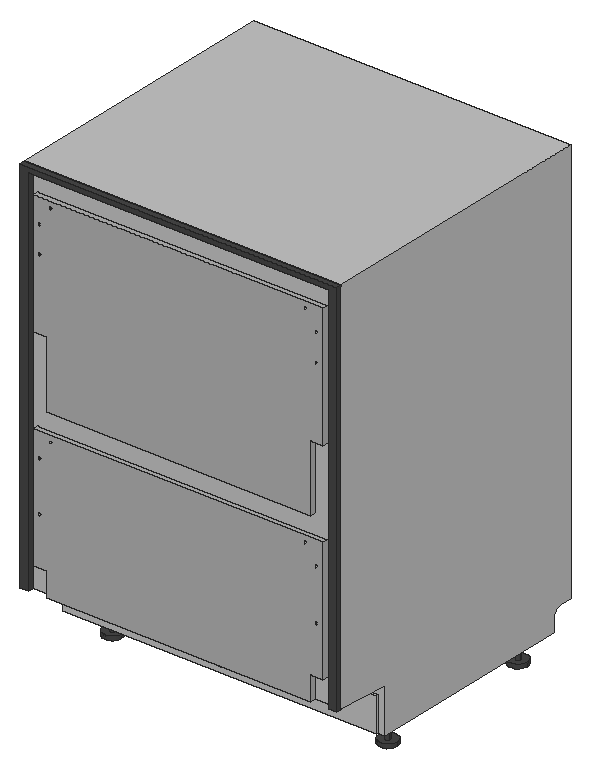
Revit family "FP_Revit_18_DD24DI9_N_DishDrawer_90000871A", category Specialty Equipment, Revit 2018
Family settings
  Round Connector Dimension = Use Diameter
  Part Type = Normal
  OmniClass Number = 23.40.40.14.31
  OmniClass Title = Cleaning and Disposal Equipment
  Work Plane-Based = No
  Always vertical = Yes
  Cut with Voids When Loaded = Yes
  Shared = No
  Room Calculation Point = No
Parameters (values of type "DD24DI9_N")
  Visibility - Handle = no
  Visibility - Door Panel = no
  Visibility - Clearance Required = yes
  URL = "www.fisherpaykel.com"
  Toe Kick - Recess (40mm - 100mm) [instance] = 100 mm
  Product - Width = 599 mm  # constant formula
  Product - Height (820mm - 880mm) [instance] = 860 mm
  Product - Depth = 553 mm  # constant formula
  Model = "DD24DI9_N"
  Material - Trim = Fisher & Paykel - Black
  Material - Door Structure = Fisher & Paykel - Aluminium
  Material - Door Front = Fisher & Paykel - Stainless Steel
  Material - Body = Fisher & Paykel - Grey
  Manufacturer = "Fisher & Paykel Appliances"
  Description = "Integrated Double DishDrawer"
  Connector Description - Water = "Supplied hose to suit 3⁄8” (9 mm) male compression fitting"
  Connector Description - Sanitary = "Drain Hose, No Fitting Required"
  Connector Description - Electrical = "110-120 V, 15 A, fused electrical supply"
  Chassis - Height (855mm Tall or 811mm Std) = 811 mm  # constant formula
  Cavity - Width = 600 mm  # constant formula
  Cavity - Height = 0 mm  # constant formula
  Cavity - Depth = 560 mm  # constant formula
Reference planes
  plane 1 "Datum": y = 0
  plane 2: z = 0
  plane 3 "Center (Left/Right)": x = 0
  plane 4: z = 0
  plane 5 "Product LHS": x = -299.5
  plane 6 "Product RHS": x = 299.5
  plane 7 "Product - Depth": y = 553
  plane 8 "Cavity LHS": x = -300
  plane 9 "Cavity RHS": x = 300
  plane 10 "Cavity - Depth": y = 560
  plane 11 "Leg Height": z = 49
  plane 12 "Product - Height": z = 860
  plane 13 "Cavity - Height": z = 862
  plane 14 "Door Front": y = -20.24
  plane 15 "Toe Kick Front 18mm": y = 79.76
Forms (mm)
  Extrusion 1, solid, material "Fisher & Paykel - Grey" <- "Material - Body"
    sketch origin (0, 0, 0) x (0, 1, 0) y (0, 0, 1)
      loop
        line (10, 860) -> (10, 140.398) -> (115, 133.503) -> (115, 49) -> (513, 49) -> (513, 68.972)
        arc (513, 68.972) -> (518.858, 83.114) -> (533, 88.972) r 20
        line (533, 88.972) -> (553, 88.972) -> (553, 860) -> (10, 860)
    from -299.5 to 299.5
  Extrusion 2, solid, material "Fisher & Paykel - Aluminium" <- "Material - Door Structure", detail levels fine
    sketch origin (0, 0, 0) x (1, 0, 0) y (0, 0, 1)
      loop
        line (-274, 816.4) -> (-274, 583.2) -> (-250, 583.2) -> (-250, 455.988) -> (250, 455.988) -> (250, 583.2) -> (274, 583.2) -> (274, 816.4) -> (-274, 816.4)
      loop
        line (-274, 419) -> (-274, 186) -> (-250, 186) -> (-250, 140) -> (250, 140) -> (250, 186) -> (274, 186) -> (274, 419) -> (-274, 419)
      loop
        circle (-240.999, 804.198) r 2.5
      loop
        circle (-261.999, 770.698) r 2.5
      loop
        circle (-261.999, 719.198) r 2.5
      loop
        circle (-262, 278) r 2.5
      loop
        circle (-262, 373.5) r 2.5
      loop
        circle (-241, 407) r 2.5
      loop
        circle (240.999, 804.198) r 2.5
      loop
        circle (261.999, 770.698) r 2.5
      loop
        circle (261.999, 719.198) r 2.5
      loop
        circle (262, 278) r 2.5
      loop
        circle (262, 373.5) r 2.5
      loop
        circle (241, 407) r 2.5
    from -10 to 0
  Extrusion 3, solid, material "Fisher & Paykel - Black" <- "Material - Trim"
    sketch origin (0, 0, 0) x (1, 0, 0) y (0, 0, 1)
      loop
        line (-299.5, 860) -> (-299.5, 140) -> (-283.999, 140) -> (-283.999, 850) -> (284, 850) -> (284, 140) -> (299.5, 140) -> (299.5, 860) -> (-299.5, 860)
    from -10 to 0
  Extrusion 4, solid, material "Fisher & Paykel - Black"
    sketch origin (0, 0, 0) x (1, 0, 0) y (0, 1, 0)
      loop
        circle (-260.6, 478.3) r 4
      loop
        circle (-260.6, 170.1) r 4
      loop
        circle (260.6, 478.3) r 4
      loop
        circle (260.6, 170.1) r 4
    from 7 to 49
  Extrusion 5, solid, material "Fisher & Paykel - Black"
    sketch origin (0, 0, 0) x (1, 0, 0) y (0, 1, 0)
      loop
        circle (-260.6, 170.1) r 17.816
      loop
        circle (-260.6, 478.3) r 17.816
      loop
        circle (260.6, 170.1) r 17.816
      loop
        circle (260.6, 478.3) r 17.816
    from 0 to 7
  Sweep 6, solid, material "Fisher & Paykel - Black", detail levels medium+fine
    path origin (0, 537.938, 0) x (1, 0, 0) y (0, 0, 1)
      loop
        line (-134.5, 88.972) -> (-134.5, 58.132)
        arc (-134.5, 58.132) -> (-140.358, 43.989) -> (-154.5, 38.132) r 20
        line (-154.5, 38.132) -> (-349.5, 38.132)
    profile origin (-134.5, 537.938, 73.552) x (0, -1, 0) y (1, 0, 0)
      loop
        circle (0, 0) r 9
  Sweep 7, solid, material "Fisher & Paykel - Black", detail levels medium+fine
    path origin (0, 537.938, 0) x (1, 0, 0) y (0, 0, 1)
      loop
        line (-189.5, 88.972) -> (-189.5, 77.507)
        arc (-189.5, 77.507) -> (-195.358, 63.364) -> (-209.5, 57.507) r 20
        line (-209.5, 57.507) -> (-349.5, 57.507)
    profile origin (-189.5, 537.938, 83.239) x (0, -1, 0) y (1, 0, 0)
      loop
        circle (0, 0) r 9
  Sweep 8, solid, material "Fisher & Paykel - Black", detail levels medium+fine
    path origin (0, 0, 0) x (1, 0, 0) y (0, 0, 1)
      loop
        line (-349.5, 71.736) -> (-66.993, 71.736)
        arc (-66.993, 71.736) -> (-58.507, 75.251) -> (-54.993, 83.736) r 12
        line (-54.993, 83.736) -> (-54.993, 88.972)
    profile origin (-54.993, 0, 86.354) x (-1, 0, 0) y (0, -1, 0)
      loop
        circle (0, -533.939) r 5
  Sweep 9, solid, material "Fisher & Paykel - Black", detail levels medium+fine
    path origin (0, 0, 0) x (1, 0, 0) y (0, 0, 1)
      loop
        line (-349.186, 57.851) -> (-218.186, 57.851)
        arc (-218.186, 57.851) -> (-204.044, 63.709) -> (-198.186, 77.851) r 20
        line (-198.186, 77.851) -> (-198.186, 88.972)
    profile origin (-198.186, 0, 83.412) x (-1, 0, 0) y (0, -1, 0)
      loop
        circle (0, -524.105) r 5
  Extrusion 10, solid, material "Fisher & Paykel - Clearance Required", visible <- "Visibility - Clearance Required", detail levels coarse
    sketch origin (0, 0, 0) x (0, 1, 0) y (0, 0, 1)
      loop
        line (-18, 0) -> (-18, 448.714) -> (-545.03, 448.714) -> (-545.03, 383.647) -> (-586.03, 383.647) -> (-586.03, 367.644) -> (-545.03, 367.644) -> (-545.03, 0) -> (-18, 0)
      loop
        line (-18, 455.988) -> (-18, 853.988) -> (-545.03, 853.988) -> (-545.03, 783.65) -> (-586.03, 783.65) -> (-586.03, 767.647) -> (-545.03, 767.647) -> (-545.03, 455.988) -> (-18, 455.988)
    from -300 to 300
  Extrusion 11, solid, material "Fisher & Paykel - Clearance Required", visible <- "Visibility - Clearance Required", detail levels coarse
    sketch origin (0, 0, 0) x (1, 0, 0) y (0, 1, 0)
      loop
        line (300, 560) -> (-300, 560) -> (-300, 0) -> (300, 0) -> (300, 560)
    from 0 to 860
  Extrusion 12, void
    sketch origin (0, 0, 0) x (1, 0, 0) y (0, 1, 0)
      loop
        line (-300, -18) -> (300, -18) -> (300, 560) -> (-300, 560) -> (-300, -18)
    from 0 to 862
  Extrusion 13, solid, material "Fisher & Paykel - Grey" <- "Material - Body", detail levels fine
    sketch origin (0, 0, 0) x (1, 0, 0) y (0, 0, 1)
      loop
        line (-297.5, 124.4) -> (-297.5, 59.4) -> (297.5, 59.4) -> (297.5, 124.4) -> (207.2, 124.4) -> (207.2, 117.4) -> (210.2, 117.4) -> (210.2, 113) -> (201.44, 113) -> (201.44, 88.145)
        arc (201.44, 88.145) -> (0, 68.613) -> (-201.44, 88.145) r 1048.506
        line (-201.44, 88.145) -> (-201.44, 113) -> (-210.2, 113) -> (-210.2, 117.4) -> (-207.2, 117.4) -> (-207.2, 124.4) -> (-297.5, 124.4)
      loop
        circle (230, 90.4) r 2.4
      loop
        circle (230, 110.4) r 2.4
      loop
        circle (-230, 90.4) r 2.4
      loop
        circle (-230, 110.4) r 2.4
    from -100.76 to -97.76
  Extrusion 14, solid, material "Fisher & Paykel - Stainless Steel" <- "Material - Door Front", visible <- "Visibility - Door Panel"
    sketch origin (0, 0, 0) x (1, 0, 0) y (0, 1, 0)
      loop
        line (-297.5, 0) -> (-297.5, -18) -> (297.5, -18) -> (297.5, 0) -> (-297.5, 0)
    from 455.988 to 853.988
  Extrusion 15, solid, material "Fisher & Paykel - Stainless Steel" <- "Material - Door Front", visible <- "Visibility - Door Panel"
    sketch origin (0, 0, 0) x (1, 0, 0) y (0, 1, 0)
      loop
        line (-297.5, 0) -> (-297.5, -18) -> (297.5, -18) -> (297.5, 0) -> (-297.5, 0)
    from 137.714 to 448.714
  Extrusion 16, void
    sketch origin (0, 0, 0) x (1, 0, 0) y (0, 0, 1)
      loop
        line (-84, 89) -> (-84, 104.8) -> (-91.143, 131.459)
        arc (-91.143, 131.459) -> (-97.572, 141.08) -> (-108.53, 144.8) r 18
        line (-108.53, 144.8) -> (-194.97, 144.8)
        arc (-194.97, 144.8) -> (-205.928, 141.08) -> (-212.357, 131.459) r 18
        line (-212.357, 131.459) -> (-219.5, 104.8) -> (-219.5, 89) -> (-84, 89)
    from -553 to -548
Cuts and joins
  Extrusion 16 cuts Extrusion 2
  Extrusion 16 cuts Extrusion 10
  Extrusion 16 cuts Extrusion 15
  Extrusion 16 cuts Extrusion 1
Lines and regions (mm)
  model lines
    curve 1: line (-297.5, 0, 448.714) -> (297.5, 0, 448.714)
    curve 2: line (-297.5, 0, 137.714) -> (-297.5, 0, 448.714)
    curve 3: line (297.5, 0, 137.714) -> (-297.5, 0, 137.714)
    curve 4: line (297.5, 0, 448.714) -> (297.5, 0, 137.714)
    curve 5: line (-297.5, 0, 853.988) -> (297.5, 0, 853.988)
    curve 6: line (-297.5, 0, 455.988) -> (-297.5, 0, 853.988)
    curve 7: line (297.5, 0, 455.988) -> (-297.5, 0, 455.988)
    curve 8: line (297.5, 0, 853.988) -> (297.5, 0, 455.988)
    curve 9: line (-297.5, 0, 853.988) -> (297.5, 0, 853.988)
    curve 10: line (-297.5, 0, 455.988) -> (-297.5, 0, 853.988)
    curve 11: line (297.5, 0, 455.988) -> (-297.5, 0, 455.988)
    curve 12: line (297.5, 0, 853.988) -> (297.5, 0, 455.988)
    curve 13: line (-297.5, 0, 448.714) -> (297.5, 0, 448.714)
    curve 14: line (-297.5, 0, 137.714) -> (-297.5, 0, 448.714)
    curve 15: line (297.5, 0, 137.714) -> (-297.5, 0, 137.714)
    curve 16: line (297.5, 0, 448.714) -> (297.5, 0, 137.714)
    curve 17: line (-297.5, 0, 853.988) -> (297.5, 0, 853.988)
    curve 18: line (-297.5, 0, 455.988) -> (-297.5, 0, 853.988)
    curve 19: line (297.5, 0, 455.988) -> (-297.5, 0, 455.988)
    curve 20: line (297.5, 0, 853.988) -> (297.5, 0, 455.988)
    curve 21: line (-297.5, 0, 448.714) -> (297.5, 0, 448.714)
    curve 22: line (-297.5, 0, 137.714) -> (-297.5, 0, 448.714)
    curve 23: line (297.5, 0, 137.714) -> (-297.5, 0, 137.714)
    curve 24: line (297.5, 0, 448.714) -> (297.5, 0, 137.714)
Text (mm)
  text "Due to ongoing product development, product details are subject to change without notice. \nPlease always refer to www.fisherpaykel.com for the most current product information. \n© Fisher & Paykel 2020" at (41.04, -690.05, 0), in view "Ref. Level (Plan)"
Dimensions and locks
  equal spacing: plane 5 "Product LHS", plane 3 "Center (Left/Right)", plane 6 "Product RHS"
  "Product - Width": plane 5 "Product LHS" to plane 6 "Product RHS"
  "Product - Depth": plane 1 "Datum" to plane 7 "Product - Depth"
  equal spacing: plane 8 "Cavity LHS", plane 3 "Center (Left/Right)", plane 9 "Cavity RHS"
  "Cavity - Width": plane 8 "Cavity LHS" to plane 9 "Cavity RHS"
  "Cavity - Depth": plane 10 "Cavity - Depth" to plane 1 "Datum"
  Extrusion 1 sketch curve to Extrusion 1 sketch curve = 811 mm
  plane 1 "Datum" to Extrusion 1 = 553 mm
  Extrusion 2 sketch curve to plane 11 "Leg Height" = 370 mm
  "Chassis - Height (855mm Tall or 811mm Std)": plane 12 "Product - Height" to plane 11 "Leg Height"
  locked: Extrusion 2 sketch curve to plane 11 "Leg Height" at 534.2
  locked: plane 12 "Product - Height" to Extrusion 2 sketch curve at 43.6
  "Product - Height (820mm - 880mm)": plane 12 "Product - Height" to level
  plane 12 "Product - Height" to Extrusion 2 = 43.6 mm
  Extrusion 2 to plane 11 "Leg Height" = 370 mm
  Extrusion 2 to plane 11 "Leg Height" = 406.988 mm
  locked: plane 13 "Cavity - Height" to plane 12 "Product - Height" at 2
  locked: plane 11 "Leg Height" to Extrusion 13 at 10.4
  Extrusion 12 to plane 1 "Datum" = 18 mm
  locked: plane 13 "Cavity - Height" to nested 2 at 478.7
  locked: Extrusion 12 to cut or joined group of Extrusion 15, Extrusion 16 at 413.286
  locked: plane 13 "Cavity - Height" to Extrusion 14 at 8.012
  locked: Extrusion 12 to cut or joined group of Extrusion 15, Extrusion 16 at 724.286
  locked: Extrusion 14 to Extrusion 12 at 406.012
  locked: plane 13 "Cavity - Height" to nested 1 at 78.7
  locked: plane 15 "Toe Kick Front 18mm" to Extrusion 13 at 18
  locked: Extrusion 13 to Extrusion 13 at 3
  "Toe Kick - Recess (40mm - 100mm)": plane 14 "Door Front" to plane 15 "Toe Kick Front 18mm"
  aligned and locked: level to plane 2
  aligned and locked: Extrusion 1 sketch curve to plane 11 "Leg Height"
  aligned and locked: plane 12 "Product - Height" to Extrusion 3 sketch curve
  aligned and locked: Extrusion 4 to Extrusion 5
  aligned and locked: plane 12 "Product - Height" to Extrusion 1
  aligned and locked: Extrusion 10 to plane 9 "Cavity RHS"
  aligned and locked: plane 8 "Cavity LHS" to Extrusion 10
  aligned and locked: Extrusion 11 sketch curve to plane 8 "Cavity LHS"
  aligned and locked: plane 1 "Datum" to Extrusion 11 sketch curve
  aligned and locked: Extrusion 11 sketch curve to plane 9 "Cavity RHS"
  aligned and locked: plane 10 "Cavity - Depth" to Extrusion 11 sketch curve
  aligned and locked: Extrusion 11 to Extrusion 1
  aligned and locked: Extrusion 4 to Extrusion 1
  aligned and locked: plane 13 "Cavity - Height" to Extrusion 12
  aligned and locked: Extrusion 10 to level
Automatic sketch dimensions
  Extrusion 2 sketch curve to plane 5 "Product LHS" = 25.5 mm  (x2)
  Extrusion 2 sketch curve to plane 5 "Product LHS" = 37.5 mm  (x2)
  Extrusion 2 sketch curve to plane 5 "Product LHS" = 37.501 mm  (x2)
  Extrusion 2 sketch curve to Extrusion 2 sketch curve = 24 mm
  Extrusion 2 sketch curve to plane 5 "Product LHS" = 49.5 mm
  Extrusion 2 sketch curve to Extrusion 2 sketch curve = 33 mm
  Extrusion 2 sketch curve to Extrusion 2 sketch curve = 33.001 mm
  plane 6 "Product RHS" to Extrusion 2 sketch curve = 58.501 mm
  plane 6 "Product RHS" to Extrusion 2 sketch curve = 58.5 mm
  plane 6 "Product RHS" to Extrusion 2 sketch curve = 49.5 mm  (x2)
  plane 6 "Product RHS" to Extrusion 2 sketch curve = 37.501 mm  (x2)
  plane 6 "Product RHS" to Extrusion 2 sketch curve = 37.5 mm  (x2)
  plane 6 "Product RHS" to Extrusion 2 sketch curve = 25.5 mm  (x2)
  Extrusion 2 sketch curve to Extrusion 2 sketch curve = 12 mm  (x2)
  Extrusion 2 sketch curve to Extrusion 2 sketch curve = 33.5 mm  (x2)
  Extrusion 2 sketch curve to Extrusion 2 sketch curve = 95.5 mm  (x2)
  Extrusion 2 sketch curve to Extrusion 2 sketch curve = 92 mm  (x2)
  Extrusion 2 sketch curve to Extrusion 2 sketch curve = 46 mm
  Extrusion 2 sketch curve to Extrusion 2 sketch curve = 36.988 mm
  Extrusion 2 sketch curve to Extrusion 2 sketch curve = 127.212 mm
  Extrusion 2 sketch curve to Extrusion 2 sketch curve = 135.998 mm  (x2)
  Extrusion 2 sketch curve to Extrusion 2 sketch curve = 45.702 mm  (x2)
  Extrusion 2 sketch curve to Extrusion 2 sketch curve = 12.202 mm  (x2)
  plane 5 "Product LHS" to Extrusion 3 sketch curve = 0 mm
  plane 6 "Product RHS" to Extrusion 3 sketch curve = 0 mm
  Extrusion 3 sketch curve to plane 5 "Product LHS" = 15.501 mm
  plane 6 "Product RHS" to Extrusion 3 sketch curve = 15.5 mm
  Extrusion 3 sketch curve to plane 12 "Product - Height" = 10 mm
  Extrusion 3 sketch curve to plane 11 "Leg Height" = 91 mm  (x2)
  Extrusion 4 sketch curve to plane 5 "Product LHS" = 38.9 mm  (x2)
  plane 6 "Product RHS" to Extrusion 4 sketch curve = 38.9 mm  (x2)
  Extrusion 4 sketch curve to plane 1 "Datum" = 170.1 mm  (x2)
  Extrusion 4 sketch curve to plane 7 "Product - Depth" = 74.7 mm  (x2)
  Extrusion 5 sketch curve to plane 5 "Product LHS" = 38.9 mm  (x2)
  plane 6 "Product RHS" to Extrusion 5 sketch curve = 38.9 mm  (x2)
  Extrusion 5 sketch curve to plane 1 "Datum" = 170.1 mm  (x2)
  Extrusion 5 sketch curve to plane 7 "Product - Depth" = 74.7 mm  (x2)
  plane 11 "Leg Height" to Sweep 6 sketch curve = 10.868 mm
  Sweep 6 sketch curve to plane 5 "Product LHS" = 145 mm
  Sweep 6 sketch curve to plane 11 "Leg Height" = 9.132 mm
  plane 8 "Cavity LHS" to Sweep 6 sketch curve = 49.5 mm
  Sweep 6 sketch curve to Sweep 6 sketch curve = 30.84 mm
  Sweep 6 sketch curve to profile plane = 0 mm
  profile plane to Sweep 6 sketch curve = 0 mm
  Sweep 7 sketch curve to plane 11 "Leg Height" = 8.507 mm
  Sweep 7 sketch curve to plane 5 "Product LHS" = 90 mm
  Sweep 7 sketch curve to Sweep 7 sketch curve = 20 mm
  plane 8 "Cavity LHS" to Sweep 7 sketch curve = 49.5 mm
  Sweep 7 sketch curve to Sweep 7 sketch curve = 11.465 mm
  Sweep 7 sketch curve to profile plane = 0 mm
  profile plane to Sweep 7 sketch curve = 0 mm
  Sweep 8 sketch curve to plane 11 "Leg Height" = 22.736 mm
  Sweep 8 sketch curve to plane 3 "Center (Left/Right)" = 66.993 mm
  Sweep 8 sketch curve to Sweep 8 sketch curve = 12 mm
  plane 8 "Cavity LHS" to Sweep 8 sketch curve = 49.5 mm
  Sweep 8 sketch curve to Sweep 8 sketch curve = 5.236 mm
  Sweep 8 sketch curve to profile plane = 0 mm
  Sweep 8 sketch curve to plane 1 "Datum" = 533.939 mm
  Sweep 9 sketch curve to plane 11 "Leg Height" = 8.851 mm
  Sweep 9 sketch curve to plane 5 "Product LHS" = 81.314 mm
  Sweep 9 sketch curve to Sweep 9 sketch curve = 20 mm
  plane 8 "Cavity LHS" to Sweep 9 sketch curve = 49.186 mm
  Sweep 9 sketch curve to Sweep 9 sketch curve = 11.121 mm
  Sweep 9 sketch curve to profile plane = 0 mm
  Sweep 9 sketch curve to plane 1 "Datum" = 524.105 mm
  Extrusion 12 sketch curve to plane 8 "Cavity LHS" = 0 mm
  Extrusion 12 sketch curve to plane 9 "Cavity RHS" = 0 mm
  Extrusion 12 sketch curve to plane 10 "Cavity - Depth" = 0 mm
  plane 1 "Datum" to Extrusion 12 sketch curve = 18 mm
  Extrusion 13 sketch curve to plane 3 "Center (Left/Right)" = 0 mm
  Extrusion 13 sketch curve to plane 5 "Product LHS" = 98.06 mm
  Extrusion 13 sketch curve to Extrusion 13 sketch curve = 5.76 mm  (x2)
  Extrusion 13 sketch curve to Extrusion 13 sketch curve = 3 mm  (x2)
  Extrusion 13 sketch curve to Extrusion 13 sketch curve = 28.56 mm
  Extrusion 13 sketch curve to Extrusion 13 sketch curve = 19.8 mm  (x2)
  Extrusion 13 sketch curve to plane 5 "Product LHS" = 2 mm
  plane 6 "Product RHS" to Extrusion 13 sketch curve = 98.06 mm
  Extrusion 13 sketch curve to Extrusion 13 sketch curve = 0 mm
  plane 6 "Product RHS" to Extrusion 13 sketch curve = 2 mm
  Extrusion 13 sketch curve to plane 11 "Leg Height" = 10.4 mm
  Extrusion 13 sketch curve to plane 11 "Leg Height" = 39.145 mm
  Extrusion 13 sketch curve to Extrusion 13 sketch curve = 2.255 mm  (x2)
  Extrusion 13 sketch curve to Extrusion 13 sketch curve = 20 mm  (x2)
  Extrusion 13 sketch curve to Extrusion 13 sketch curve = 2.6 mm
  Extrusion 13 sketch curve to Extrusion 13 sketch curve = 24.855 mm
  Extrusion 13 sketch curve to Extrusion 13 sketch curve = 4.4 mm  (x2)
  Extrusion 13 sketch curve to Extrusion 13 sketch curve = 7 mm  (x2)
  plane 13 "Cavity - Height" to Extrusion 13 sketch curve = 255.119 mm
  Extrusion 14 sketch curve to plane 5 "Product LHS" = 2 mm
  plane 6 "Product RHS" to Extrusion 14 sketch curve = 2 mm
  Extrusion 15 sketch curve to plane 5 "Product LHS" = 2 mm
  plane 6 "Product RHS" to Extrusion 15 sketch curve = 2 mm
  plane 1 "Datum" to Extrusion 15 sketch curve = 18 mm
  Extrusion 10 sketch curve to plane 12 "Product - Height" = 76.35 mm
  plane 1 "Datum" to Extrusion 10 sketch curve = 586.03 mm
  Extrusion 10 sketch curve to Extrusion 10 sketch curve = 0 mm  (x3)
  Extrusion 10 sketch curve to Extrusion 10 sketch curve = 41 mm  (x2)
  Extrusion 10 sketch curve to plane 12 "Product - Height" = 6.012 mm
  plane 1 "Datum" to Extrusion 10 sketch curve = 18 mm  (x2)
  Extrusion 10 sketch curve to Extrusion 10 sketch curve = 16.003 mm  (x2)
  Extrusion 10 sketch curve to Extrusion 10 sketch curve = 311.659 mm
  Extrusion 10 sketch curve to Extrusion 10 sketch curve = 7.274 mm
  Extrusion 10 sketch curve to Extrusion 10 sketch curve = 65.067 mm
  plane 11 "Leg Height" to Extrusion 10 sketch curve = 49 mm
  Extrusion 16 sketch curve to plane 11 "Leg Height" = 40 mm
  Extrusion 16 sketch curve to plane 5 "Product LHS" = 80 mm
  Extrusion 16 sketch curve to Extrusion 16 sketch curve = 7.143 mm  (x2)
  Extrusion 16 sketch curve to Extrusion 16 sketch curve = 17.387 mm  (x2)
  Extrusion 16 sketch curve to Extrusion 16 sketch curve = 86.44 mm
  Extrusion 16 sketch curve to Extrusion 16 sketch curve = 15.8 mm  (x2)
  Extrusion 16 sketch curve to Extrusion 16 sketch curve = 22 mm  (x2)
  Extrusion 16 sketch curve to Extrusion 16 sketch curve = 4.659 mm
  plane 1 "Datum" to Extrusion 14 sketch curve = 0 mm
  plane 1 "Datum" to Extrusion 14 sketch curve = 18 mm
  plane 1 "Datum" to Extrusion 15 sketch curve = 0 mm
  Extrusion 1 sketch curve to plane 7 "Product - Depth" = 0 mm
  Extrusion 1 sketch curve to plane 7 "Product - Depth" = 20 mm
  Extrusion 1 sketch curve to Extrusion 1 sketch curve = 20 mm
  Extrusion 1 sketch curve to plane 1 "Datum" = 115 mm
  Extrusion 1 sketch curve to plane 1 "Datum" = 10 mm
  Extrusion 1 sketch curve to plane 11 "Leg Height" = 19.972 mm
  Extrusion 1 sketch curve to plane 11 "Leg Height" = 84.503 mm
  Extrusion 1 sketch curve to plane 11 "Leg Height" = 91.398 mm
  curve 1 to plane 5 "Product LHS" = 2 mm
  curve 5 to plane 5 "Product LHS" = 2 mm
  plane 6 "Product RHS" to curve 12 = 2 mm
  plane 6 "Product RHS" to curve 13 = 2 mm
  curve 24 to plane 11 "Leg Height" = 88.714 mm
  curve 3 to curve 24 = 311 mm
  curve 1 to curve 6 = 7.274 mm
  curve 17 to plane 12 "Product - Height" = 6.012 mm
  radius of Extrusion 2 sketch curve = 2.5 mm  (x12)
  radius of Extrusion 4 sketch curve = 4 mm  (x4)
  radius of Extrusion 5 sketch curve = 17.816 mm  (x4)
  radius of Sweep 6 sketch curve = 9 mm
  radius of Sweep 7 sketch curve = 9 mm
  radius of Sweep 8 sketch curve = 5 mm
  radius of Sweep 9 sketch curve = 5 mm
  radius of Extrusion 13 sketch curve = 2.4 mm  (x4)
Nested families
  nested 1: "F&P Handle Contemporary Square - Horizontal" at (0, -18, 775.322), visible <- "Visibility - Handle", type "565mm"
  nested 2: "F&P Handle Contemporary Square - Horizontal" at (0, -18, 375.322), visible <- "Visibility - Handle", type "565mm"
Connectors
  electrical at (-349.5, 533.939, 71.736), driven by "Connector Description - Electrical"
    settings: on Sweep 8, index 1, voltage 120 V, apparent load 0 VA, apparent load phase1 0 VA, apparent load phase2 0 VA, apparent load phase3 0 VA, power factor 1, load classification "Other", number of poles 1, system type 30, power factor state 1, is connector primary yes, connector utility no, sub classification motor no, connector description "110-120 V, 15 A, fused electrical supply"
  piping at (-349.186, 524.105, 57.851), diameter 10, driven by "Connector Description - Water"
    settings: on Sweep 9, index 2, connector inside diameter 609.6 mm, connector length 0 mm, flow factor 0, pipe flow 0.0 L/s, pressure drop 0.0 Pa, fitting loss kfactor 0, connector angle 0.00°, fixture units 0, engagement length 0 mm, angle of deflection 0.00°, flow configuration 0, flow direction 1, fitting loss method 0, system type 20, joint type 0, gender type 0, connector reference index -1, connector utility 0, adjustable connector no, is connector primary yes, connector description "Supplied hose to suit 3⁄8” (9 mm) male compression fitting"
  piping at (-349.5, 537.938, 57.507), diameter 15.9, driven by "Connector Description - Sanitary"
    settings: on Sweep 7, index 3, connector inside diameter 609.6 mm, connector length 0 mm, flow factor 0, pipe flow 0.0 L/s, pressure drop 0.0 Pa, fitting loss kfactor 0, connector angle 0.00°, fixture units 0, engagement length 0 mm, angle of deflection 0.00°, flow configuration 0, flow direction 2, fitting loss method 0, system type 16, joint type 0, gender type 0, connector reference index -1, connector utility 0, adjustable connector no, is connector primary no, connector description "Drain Hose, No Fitting Required"
  piping at (-349.5, 537.938, 38.132), diameter 15.9, driven by "Connector Description - Sanitary"
    settings: on Sweep 6, index 4, connector inside diameter 609.6 mm, connector length 0 mm, flow factor 0, pipe flow 0.0 L/s, pressure drop 0.0 Pa, fitting loss kfactor 0, connector angle 0.00°, fixture units 0, engagement length 0 mm, angle of deflection 0.00°, flow configuration 0, flow direction 2, fitting loss method 0, system type 16, joint type 0, gender type 0, connector reference index -1, connector utility 0, adjustable connector no, is connector primary no, connector description "Drain Hose, No Fitting Required"
Definition of nested family "F&P Handle Contemporary Square - Horizontal"
  Parameters (values of type "565mm")
    URL = "www.fisherpaykel.com"
    Material - Handle = none
    Manufacturer = "Fisher & Paykel Appliances"
    Handle - Standoff = 100 mm
    Handle - Length = 565 mm
  Reference planes
    plane 1 "Center (Front/Back)": y = 0
    plane 2: z = 0
    plane 3 "Center (Left/Right)": x = 0
    plane 4 "Product LHS": x = -282.5
    plane 5 "Product RHS": x = 282.5
    plane 6 "LHS Standoff": x = -182.5
    plane 7 "RHS Standoff": x = 182.5
  Forms (mm)
    Extrusion 1, solid, material <- "Material - Handle", detail levels fine
      sketch origin (0, 0, 0) x (0, 1, 0) y (0, 0, 1)
        loop
          arc (-27.701, 7.561) -> (-28.057, 7.868) -> (-28.514, 7.978) r 1
          line (-28.514, 7.978) -> (-39.5, 7.978)
          arc (-39.5, 7.978) -> (-40.561, 7.539) -> (-41, 6.478) r 1.5
          line (-41, 6.478) -> (-41, -6.522)
          arc (-41, -6.522) -> (-40.561, -7.583) -> (-39.5, -8.022) r 1.5
          line (-39.5, -8.022) -> (-28.487, -8.022)
          arc (-28.487, -8.022) -> (-28.029, -7.911) -> (-27.673, -7.602) r 1
          arc (-27.673, -7.602) -> (-25.256, -0.016) -> (-27.701, 7.561) r 13.038
      from -282.5 to 282.5
    Extrusion 2, solid, material <- "Material - Handle", detail levels fine
      sketch origin (0, 0, 0) x (0, 1, 0) y (0, 0, 1)
        loop
          arc (-27.23, 7.062) -> (-25.156, 0.008) -> (-27.198, -7.056) r 13.136
          arc (-27.198, -7.056) -> (-27.21, -7.463) -> (-26.86, -7.67) r 0.4
          line (-26.86, -7.67) -> (0, -7.67) -> (0, 7.678) -> (-26.893, 7.678)
          arc (-26.893, 7.678) -> (-27.244, 7.47) -> (-27.23, 7.062) r 0.4
      from 182.5 to 282.5
    Extrusion 3, solid, material <- "Material - Handle", detail levels fine
      sketch origin (0, 0, 0) x (0, 1, 0) y (0, 0, -1)
        loop
          arc (-27.23, -7.062) -> (-27.244, -7.47) -> (-26.893, -7.678) r 0.4
          line (-26.893, -7.678) -> (0, -7.678) -> (0, 7.67) -> (-26.86, 7.67)
          arc (-26.86, 7.67) -> (-27.21, 7.463) -> (-27.198, 7.056) r 0.4
          arc (-27.198, 7.056) -> (-25.156, -0.008) -> (-27.23, -7.062) r 13.136
      from 182.5 to 282.5
    Sweep 4, void
      path in 3D
        loop
          line (282.5, -28.514, 7.978) -> (282.5, -39.5, 7.978)
          arc (282.5, -39.5, 7.978) -> (282.5, -40.561, 7.539) -> (282.5, -41, 6.478) r 1.5
          line (282.5, -41, 6.478) -> (282.5, -41, -6.522)
          arc (282.5, -41, -6.522) -> (282.5, -40.561, -7.583) -> (282.5, -39.5, -8.022) r 1.5
          line (282.5, -39.5, -8.022) -> (282.5, -28.487, -8.022)
      profile origin (282.5, -34.007, 7.978) x (1, 0, 0) y (0, 0, 1)
        loop
          line (0, 0) -> (-1.3, 0) -> (0, -1.3) -> (0, 0)
    Sweep 5, void
      path in 3D
        loop
          line (-282.5, -28.487, -8.022) -> (-282.5, -39.5, -8.022)
          arc (-282.5, -39.5, -8.022) -> (-282.5, -40.561, -7.583) -> (-282.5, -41, -6.522) r 1.5
          line (-282.5, -41, -6.522) -> (-282.5, -41, 6.478)
          arc (-282.5, -41, 6.478) -> (-282.5, -40.561, 7.539) -> (-282.5, -39.5, 7.978) r 1.5
          line (-282.5, -39.5, 7.978) -> (-282.5, -28.514, 7.978)
      profile origin (-282.5, -34.007, 7.978) x (-1, 0, 0) y (0, 0, 1)
        loop
          line (0, 0) -> (-1.3, 0) -> (0, -1.3) -> (0, 0)
    Extrusion 6, void
      sketch origin (0, 0, 0) x (1, 0, 0) y (0, 0, 1)
        loop
          line (282.5, 7.978) -> (281.2, 7.978) -> (282.5, 6.678) -> (282.5, 7.978)
        loop
          line (282.5, -8.022) -> (282.5, -6.722) -> (281.2, -8.022) -> (282.5, -8.022)
      from 0 to 28.514
    Extrusion 7, void
      sketch origin (0, 0, 0) x (1, 0, 0) y (0, 0, 1)
        loop
          line (-282.5, 7.978) -> (-282.5, 6.678) -> (-281.2, 7.978) -> (-282.5, 7.978)
        loop
          line (-282.5, -8.022) -> (-281.2, -8.022) -> (-282.5, -6.722) -> (-282.5, -8.022)
      from 0 to 28.487
    Extrusion 8, solid, material <- "Material - Handle", detail levels coarse+medium
      sketch origin (0, 0, 0) x (1, 0, 0) y (0, 1, 0)
        loop
          line (-282.5, -41) -> (282.5, -41) -> (282.5, 0) -> (182.5, 0) -> (182.5, -26.156) -> (-182.5, -26.156) -> (-182.5, 0) -> (-282.5, 0) -> (-282.5, -41)
      from -8.022 to 7.978
  Cuts and joins
    Sweep 4, Sweep 5, Extrusion 6, Extrusion 7 cuts Extrusion 1
    Extrusion 6 cuts Extrusion 2
    Extrusion 7 cuts Extrusion 3
  Lines and regions (mm)
    sketch lines
      curve 1: line (282.5, -28.514, 7.978) -> (282.5, -39.5, 7.978)
      curve 2: arc (282.5, -41, 6.478) -> (282.5, -40.561, 7.539) -> (282.5, -39.5, 7.978) r 1.5
      curve 3: line (282.5, -41, 6.478) -> (282.5, -41, -6.522)
      curve 4: arc (282.5, -39.5, -8.022) -> (282.5, -40.561, -7.583) -> (282.5, -41, -6.522) r 1.5
      curve 5: line (282.5, -39.5, -8.022) -> (282.5, -28.487, -8.022)
      curve 6: line (-282.5, -39.5, 7.978) -> (-282.5, -28.514, 7.978)
      curve 7: arc (-282.5, -39.5, 7.978) -> (-282.5, -40.561, 7.539) -> (-282.5, -41, 6.478) r 1.5
      curve 8: line (-282.5, -41, -6.522) -> (-282.5, -41, 6.478)
      curve 9: arc (-282.5, -41, -6.522) -> (-282.5, -40.561, -7.583) -> (-282.5, -39.5, -8.022) r 1.5
      curve 10: line (-282.5, -28.487, -8.022) -> (-282.5, -39.5, -8.022)
  Dimensions and locks
    equal spacing: plane 4 "Product LHS", plane 3 "Center (Left/Right)", plane 5 "Product RHS"
    "Handle - Length": plane 4 "Product LHS" to plane 5 "Product RHS"
    "Handle - Standoff": plane 4 "Product LHS" to plane 6 "LHS Standoff"
    "Handle - Standoff": plane 7 "RHS Standoff" to plane 5 "Product RHS"
    Extrusion 8 to plane 1 "Center (Front/Back)" = 41 mm
    aligned and locked: level to plane 2
    aligned and locked: Extrusion 1 to plane 5 "Product RHS"
    aligned and locked: plane 4 "Product LHS" to Extrusion 1
    aligned and locked: Extrusion 2 to plane 5 "Product RHS"
    aligned and locked: plane 4 "Product LHS" to Extrusion 3
    aligned and locked: plane 4 "Product LHS" to Extrusion 8 sketch curve
    aligned and locked: Extrusion 8 sketch curve to plane 5 "Product RHS"
    aligned and locked: Extrusion 8 sketch curve to plane 7 "RHS Standoff"
    aligned and locked: plane 6 "LHS Standoff" to Extrusion 8 sketch curve
    aligned and locked: Extrusion 2 to plane 7 "RHS Standoff"
    aligned and locked: plane 6 "LHS Standoff" to Extrusion 3
  Automatic sketch dimensions
    Extrusion 1 sketch curve to level = 6.522 mm
    plane 1 "Center (Front/Back)" to Extrusion 1 sketch curve = 41 mm
    Extrusion 1 sketch curve to Extrusion 1 sketch curve = 1.5 mm  (x2)
    Extrusion 1 sketch curve to level = 0.04 mm
    Extrusion 1 sketch curve to Extrusion 1 sketch curve = 1.206 mm
    level to Extrusion 1 sketch curve = 6.978 mm
    Extrusion 1 sketch curve to Extrusion 1 sketch curve = 10.986 mm
    Extrusion 1 sketch curve to Extrusion 1 sketch curve = 11.013 mm
    Extrusion 1 sketch curve to Extrusion 1 sketch curve = 1 mm
    level to Extrusion 1 sketch curve = 6.478 mm
    Extrusion 1 sketch curve to Extrusion 1 sketch curve = 0 mm
    Extrusion 2 sketch curve to plane 1 "Center (Front/Back)" = 0 mm
    Extrusion 2 sketch curve to level = 7.67 mm
    Extrusion 2 sketch curve to Extrusion 2 sketch curve = 26.86 mm
    level to Extrusion 2 sketch curve = 7.678 mm
    Extrusion 2 sketch curve to Extrusion 2 sketch curve = 0.033 mm
    Extrusion 2 sketch curve to level = 0.022 mm
    Extrusion 2 sketch curve to Extrusion 2 sketch curve = 11.398 mm
    Extrusion 2 sketch curve to Extrusion 2 sketch curve = 0.4 mm  (x2)
    Extrusion 2 sketch curve to Extrusion 2 sketch curve = 0 mm
    Extrusion 3 sketch curve to plane 1 "Center (Front/Back)" = 0 mm
    Extrusion 3 sketch curve to level = 7.67 mm
    Extrusion 3 sketch curve to Extrusion 3 sketch curve = 26.86 mm
    level to Extrusion 3 sketch curve = 7.678 mm
    Extrusion 3 sketch curve to Extrusion 3 sketch curve = 0.033 mm
    Extrusion 3 sketch curve to level = 0.022 mm
    Extrusion 3 sketch curve to Extrusion 3 sketch curve = 11.398 mm
    Extrusion 3 sketch curve to Extrusion 3 sketch curve = 0.4 mm  (x2)
    Extrusion 3 sketch curve to Extrusion 3 sketch curve = 0 mm
    profile plane to Sweep 4 sketch curve = 0 mm
    Sweep 4 sketch curve to profile plane = 0 mm
    Sweep 4 sketch curve to profile plane = 1.3 mm
    profile plane to Sweep 4 sketch curve = 1.3 mm
    Sweep 5 sketch curve to profile plane = 0 mm  (x2)
    profile plane to Sweep 5 sketch curve = 1.3 mm
    Sweep 5 sketch curve to profile plane = 1.3 mm
    plane 5 "Product RHS" to Extrusion 6 sketch curve = 0 mm  (x2)
    Extrusion 6 sketch curve to Extrusion 6 sketch curve = 1.3 mm  (x4)
    Extrusion 6 sketch curve to level = 6.722 mm
    level to Extrusion 6 sketch curve = 6.678 mm
    plane 4 "Product LHS" to Extrusion 7 sketch curve = 0 mm  (x2)
    Extrusion 7 sketch curve to plane 4 "Product LHS" = 1.3 mm  (x2)
    Extrusion 7 sketch curve to level = 8.022 mm
    level to Extrusion 7 sketch curve = 6.678 mm
    Extrusion 7 sketch curve to Extrusion 7 sketch curve = 1.3 mm  (x2)
    plane 1 "Center (Front/Back)" to Extrusion 8 sketch curve = 0 mm  (x2)
    Extrusion 8 sketch curve to Extrusion 8 sketch curve = 26.156 mm
    Extrusion 8 sketch curve to Extrusion 8 sketch curve = 41 mm
